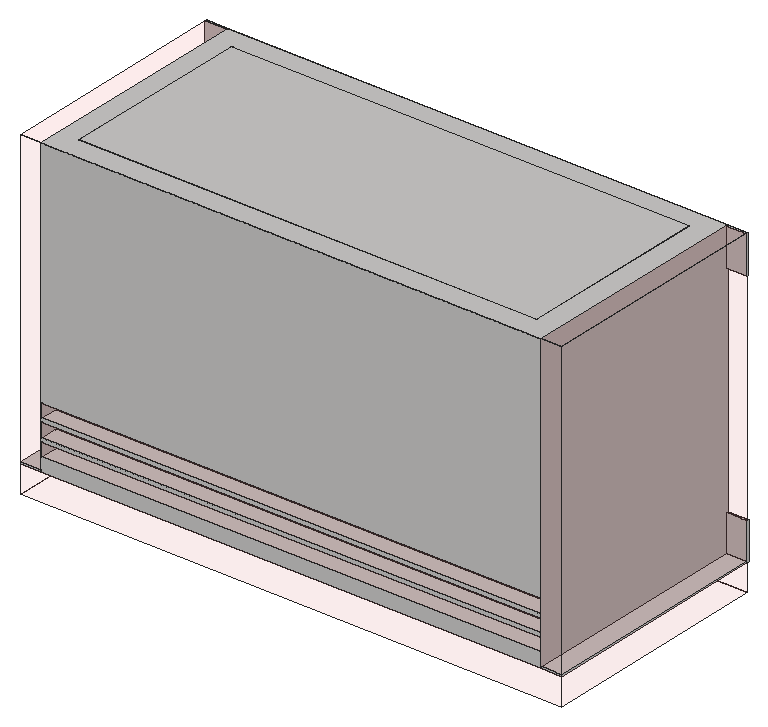
Revit family "Air-Curtain_Industrial_PoweredAire_Unheated", category Mechanical Equipment, host Face, Revit 2023
Family settings
  Host = Face
  Round Connector Dimension = Use Diameter
  Part Type = Normal
  OmniClass Number = 23.75.35.17.21
  OmniClass Title = Air Curtains
  Cut with Voids When Loaded = No
  Maintain Annotation Orientation = No
  Shared = No
  Room Calculation Point = No
Parameters
  topbrackets [instance] = and(Unit Height = 1' 4 3/4", Unit Depth = 1' 9 1/4")  # yes
  Warranty Duration (Years) = 0
  Unit Width Notes = "Other Widths available."  # constant formula
  Unit Width = 3' - 3"
  Unit Weight = 0
  Unit Height = 1' - 4 3/4"
  Unit Depth = 1' - 9 1/4"
  URL = "http://www.poweredaire.com/"
  Test Data = ""
  Standards Conformance = "as Specified"
  Specification = "http://www.arcat.com/sdspecs/htm04/23_34_33pai.htm"
  SpecWizard = ""
  Sound Pressure = "as Specified"
  Sales Information = "http://www.poweredaire.com/contact_us"
  Revision = "R1_2016-08"
  Projection from Host [instance] = 0' - 2"
  Product Properties = ""
  Product Data = "http://www.arcat.com/arcatcos/cos47/arc47623.html"
  Power Rating = 0 W
  Nozzle Width = if(1 = 1, Unit Width - 0' 3", 0' 0")  # 3' - 0"
  Mounting Width = if(1 = 1, Unit Width - 0' 1 1/2", 0' 0")  # 3' - 1 1/2"
  Mounting Height [instance] = 3' - 6"
  Motor RPM = 0
  Motor HP = 0
  Motor Count = 0
  Model = "As Specified"
  Max Height = 0' - 0"
  Manufacturer Website = "http://www.poweredaire.com/"
  Manufacturer Phone - Toll Free = "888-321-2473"
  Manufacturer Phone = "724-588-3305"
  Manufacturer Fax = "724-588-3371"
  Manufacturer Address = "109 Mortensen Rd.  Greenville, PA 16125"
  Manufacturer = "Powered Aire, Inc"
  Maintenance Schedule (Months) = 0
  Keynote = "23 34 33"
  Installation-Fabrication = ""
  Installation Phase = ""
  Include Clearance [instance] = yes
  Heating Element Load = 0 W
  HVAC_Temperature Rise = 0 °F
  HVAC_Outlet Volume = 0 CFM
  HVAC_Outlet Velocity Uniformity = 0
  HVAC_Outlet Velocity = 0 FPM
  Green Building-LEED = "http://www.arcat.com/green/clients/leed_data_47623.html"
  Front Grating Material [instance] = Metal - Steel - PoweredAire - Stainless 304 Perforated
  Frame Finish [instance] = Metal - Steel - PoweredAire - Stainless 304
  Expected Lifespan (Years) = 0
  Electrical_Wattage [instance] = Power Rating + Heating Element Load  # 0 W
  Electrical_Voltage [instance] = 0 V
  Electrical_Phase [instance] = 1
  Electrical_Frequency [instance] = 0 Hz
  Electrical_Amperage [instance] = 0 A
  Drawn By = "Sumex Design, Inc. / Robert S. Weygant, CSI, CDT, SCIP"
  Description = "Powered Aire Air Curtain as Specified"
  Default Elevation = 0' - 0"  # constant formula
  Copyright = "©Arcat Inc."
  Construction Details = "http://www.arcat.com/details/powair/prod3336.html"
  Clearance_Top [instance] = 0' - 0"
  Clearance_Side B [instance] = 0' - 0"
  Clearance_Side A [instance] = 0' - 0"
  Clearance_Intake [instance] = 0' - 0"
  Clearance_Bottom [instance] = 0' - 0"
  Clearance Material [instance] = ARCAT Clearance
  Building Codes = ""
  Available Options [instance] = "as Specified"
  Assembly Code = "D3090400"
Reference planes (in)
  plane 1 "Center (Elevation)": y = 8.51318
  plane 2: z = 0
  plane 3 "Center (Left/Right)": x = 0
  plane 4: y = 16.88818
  plane 5 "BoC": y = 0.13818
  plane 6: x = -19.5
  plane 7: x = 19.5
  plane 8: z = 23.25
  plane 9 "FF": y = -41.86182
  plane 10: z = 2
  plane 11: x = 18
  plane 12: x = -18
  plane 13: y = 16.88818
  plane 14: y = 0.13818
  plane 15: x = -19.5
  plane 16: x = 19.5
  plane 17: z = 23.25
  plane 18: y = 0.13818
  plane 19: x = 17.9375
  plane 20: x = -17.9375
Forms (in)
  Extrusion 1, solid, material "ARCAT Clearance" <- "Clearance Material", visible <- "Include Clearance"
    sketch origin (0, 0, 0) x (0, 1, 0) y (0, 0, 1)
      loop
        line (0.13818, 23.25) -> (0.13818, 0) -> (16.88818, 0) -> (16.88818, 23.25) -> (0.13818, 23.25)
    from -19.5 to 19.5
  Extrusion 2, solid, material "Metal - Steel - PoweredAire - Stainless 304" <- "Frame Finish"
    sketch origin (0, 8.51318, 0) x (1, 0, 0) y (0, 0, 1)
      loop
        line (18, 23.25) -> (-18, 23.25) -> (-18, 2) -> (18, 2) -> (18, 23.25)
    from -8.375 to 8.375
  Extrusion 3, void
    sketch origin (0, 0, 0) x (0, 1, 0) y (0, 0, 1)
      loop
        line (0.13818, 4) -> (0.13818, 3) -> (1.63818, 3) -> (1.63818, 6.5) -> (0.13818, 6.5) -> (0.13818, 5.5) -> (1.38818, 5.5) -> (1.38818, 5.25) -> (0.13818, 5.25) -> (0.13818, 4.25) -> (1.38818, 4.25) -> (1.38818, 4) -> (0.13818, 4)
    from -17.9375 to 17.9375
  Extrusion 4, solid, material "Metal - Steel - PoweredAire - Stainless 304" <- "Frame Finish"
    sketch origin (-15.17702, -180, 2) x (-1, 0, 0) y (0, -1, 0)
      loop
        line (-33.17702, -196.88818) -> (-33.17702, -180.13818) -> (-34.67702, -180.13818) -> (-34.67702, -196.88818) -> (-33.17702, -196.88818)
      loop
        line (2.82298, -196.88818) -> (4.32298, -196.88818) -> (4.32298, -180.13818) -> (2.82298, -180.13818) -> (2.82298, -196.88818)
    from 0 to 0.125
  Extrusion 5, solid, material "Metal - Steel - PoweredAire - Stainless 304" <- "Frame Finish", visible <- "topbrackets"
    sketch origin (-11.83813, 16.88818, 48) x (-1, 0, 0) y (0, 0, 1)
      loop
        line (7.66187, -46) -> (7.66187, -43.25) -> (6.16187, -43.25) -> (6.16187, -46) -> (7.66187, -46)
      loop
        line (-31.33813, -46) -> (-29.83813, -46) -> (-29.83813, -43.25) -> (-31.33813, -43.25) -> (-31.33813, -46)
      loop
        line (7.66187, -27.5) -> (7.66187, -24.75) -> (6.16187, -24.75) -> (6.16187, -27.5) -> (7.66187, -27.5)
      loop
        line (-31.33813, -27.5) -> (-29.83813, -27.5) -> (-29.83813, -24.75) -> (-31.33813, -24.75) -> (-31.33813, -27.5)
    from 0 to -0.125
  Extrusion 6, solid, material "Metal - Steel - PoweredAire - Stainless 304 Perforated" <- "Front Grating Material"
    sketch origin (18, 8.51318, 23.25) x (-1, 0, 0) y (0, -1, 0)
      loop
        line (1.5, -6.875) -> (34.5, -6.875) -> (34.5, 6.875) -> (1.5, 6.875) -> (1.5, -6.875)
    from 0 to 0.03125
Cuts and joins
  Extrusion 3 cuts Extrusion 2
Dimensions and locks (in)
  equal spacing: plane 4, plane 1 "Center (Elevation)", plane 5 "BoC"
  "Unit Height": plane 4 to plane 5 "BoC"
  equal spacing: plane 6, plane 3 "Center (Left/Right)", plane 7
  "Unit Width": plane 6 to plane 7
  "Mounting Height": plane 5 "BoC" to plane 9 "FF"
  "Projection from Host": plane 10 to level
  "Unit Depth": plane 8 to plane 10
  locked: plane 6 to plane 12 at 1.5
  locked: plane 11 to plane 7 at 1.5
  "Clearance_Side A": plane 7 to plane 16
  "Clearance_Side B": plane 15 to plane 6
  "Clearance_Top": plane 13 to plane 4
  "Clearance_Bottom": plane 5 "BoC" to plane 14
  "Clearance_Intake": plane 17 to plane 8
  locked: plane 7 to Extrusion 2 sketch curve at 1.5
  locked: Extrusion 2 sketch curve to plane 6 at 1.5
  locked: plane 18 to plane 5 "BoC" at 0
  Extrusion 5 sketch curve to Extrusion 5 sketch curve to plane 10 = 0' - 2 3/4" locked, 0' - 0" locked  (x2)
  locked: plane 12 to Extrusion 6 sketch curve at 1.5
  locked: Extrusion 6 sketch curve to plane 11 at 1.5
  locked: Extrusion 6 sketch curve to plane 5 "BoC" at 1.5
  locked: plane 20 to plane 12 at 0.0625
  locked: plane 11 to plane 19 at 0.0625
  Extrusion 3 sketch curve to Extrusion 3 sketch curve to Extrusion 3 sketch curve to Extrusion 3 sketch curve to Extrusion 3 sketch curve to Extrusion 3 sketch curve to plane 10 = 0' - 1" locked, 0' - 0 1/4" locked, 0' - 1" locked, 0' - 0 1/4" locked, 0' - 1" locked, 0' - 1" locked
  locked: plane 4 to Extrusion 6 sketch curve at 1.5
  locked: Extrusion 5 sketch curve to Extrusion 5 sketch curve at 2.75  (x2)
  aligned and locked: plane 2 to host face
  aligned and locked: level to host face
  aligned and locked: Extrusion 1 sketch curve to plane 17
  aligned and locked: plane 14 to Extrusion 1 sketch curve
  aligned and locked: level to Extrusion 1 sketch curve
  aligned and locked: Extrusion 1 sketch curve to plane 13
  aligned and locked: plane 16 to Extrusion 1
  aligned and locked: Extrusion 1 to plane 15
  aligned and locked: Extrusion 2 to plane 4
  aligned and locked: Extrusion 2 to plane 18
  aligned and locked: Extrusion 4 sketch curve to plane 4  (x2)
  aligned and locked: Extrusion 2 sketch curve to plane 10
  aligned and locked: Extrusion 3 to plane 20
  aligned and locked: plane 19 to Extrusion 3
  aligned and locked: Extrusion 2 sketch curve to plane 8
  aligned and locked: Extrusion 5 sketch curve to plane 8  (x2)
  aligned and locked: plane 18 to Extrusion 4 sketch curve  (x2)
Automatic sketch dimensions
  host sketch curve to host sketch curve = 8' - 0"  (x2)
  Extrusion 4 sketch curve to plane 7 = 0' - 0"
  Extrusion 4 sketch curve to plane 11 = 0' - 0"
  Extrusion 4 sketch curve to plane 12 = 0' - 0"
  Extrusion 4 sketch curve to plane 6 = 0' - 0"
  Extrusion 3 sketch curve to plane 5 "BoC" = 0' - 0"  (x3)
  plane 18 to Extrusion 3 sketch curve = 0' - 1 1/4"
  Extrusion 3 sketch curve to Extrusion 3 sketch curve = 0' - 0"
  Extrusion 3 sketch curve to Extrusion 3 sketch curve = 0' - 0 1/4"
  Extrusion 5 sketch curve to plane 7 = 0' - 0"  (x2)
  Extrusion 5 sketch curve to plane 11 = 0' - 0"  (x2)
  Extrusion 5 sketch curve to plane 12 = 0' - 0"  (x2)
  Extrusion 5 sketch curve to plane 6 = 0' - 0"  (x2)
Connectors (in)
  electrical at (-18, 8.51318, 12.625), driven by "Electrical_Voltage", driven by "Electrical_Phase"
    settings: on cut or joined group of Extrusion 2, Extrusion 3, index 1, voltage 0 V, apparent load 0 VA, apparent load phase1 0 VA, apparent load phase2 0 VA, apparent load phase3 0 VA, power factor 1, load classification "Other", number of poles 1, system type 31, power factor state 1, is connector primary yes, connector utility no, sub classification motor no, connector description ""
